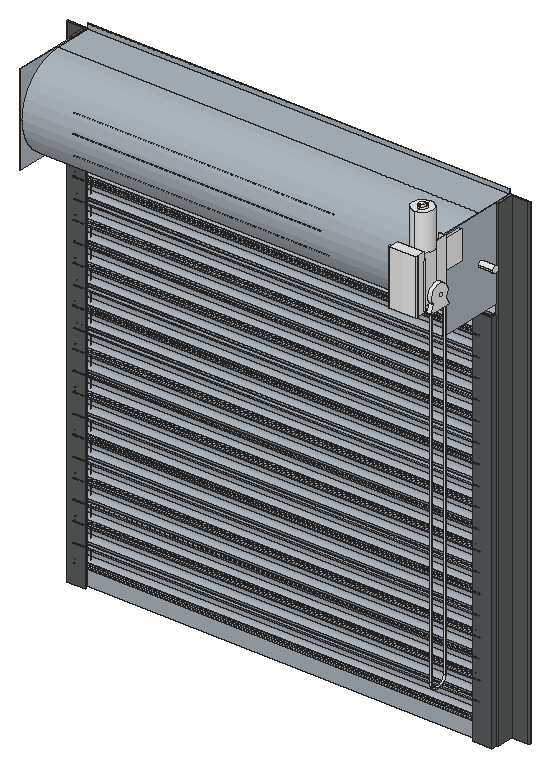
Revit family "Doors_Industrial_Wayne-Dalton_Forced-Entry-Shelter-Door-800FE_", category Specialty Equipment, host Wall, Revit 2019 (continued)
Definition of nested family "610F"
  Forms (in)
    Extrusion 1, solid, material <- "Panel Material"
      sketch origin (0, -4.98186, 18.03575) x (0, 1, 0) y (0, 0, 1)
        loop
          arc (6.41479, -9.14527) -> (6.37372, -8.27547) -> (6.1844, -7.42553) r 5.06884
          arc (6.1844, -7.42553) -> (5.94264, -7.02466) -> (5.54432, -6.77873) r 0.99486
          arc (5.54432, -6.77873) -> (5.26621, -6.60372) -> (5.1038, -6.31807) r 0.67448
          arc (5.1038, -6.31807) -> (5.58774, -6.46687) -> (5.95602, -6.11945) r 0.50309
          arc (5.95602, -6.11945) -> (5.8503, -5.5103) -> (5.30212, -5.22441) r 0.69757
          arc (5.30212, -5.22441) -> (5.06799, -5.01981) -> (5.22797, -4.7532) r 0.24232
          arc (5.22797, -4.7532) -> (6.0686, -4.136) -> (6.41479, -3.15227) r 1.76704
          arc (6.41479, -3.15227) -> (6.37372, -2.28247) -> (6.1844, -1.43253) r 5.06884
          arc (6.1844, -1.43253) -> (5.94264, -1.03166) -> (5.54432, -0.78573) r 0.99486
          arc (5.54432, -0.78573) -> (5.26621, -0.61072) -> (5.1038, -0.32507) r 0.67448
          arc (5.1038, -0.32507) -> (5.96009, -0.08908) -> (5.14423, 0.26204) r 0.47069
          arc (5.14423, 0.26204) -> (4.98628, -0.3629) -> (5.42353, -0.83652) r 0.67657
          arc (5.42353, -0.83652) -> (5.86585, -1.12411) -> (6.11827, -1.58739) r 1.07588
          arc (6.11827, -1.58739) -> (6.26595, -2.36718) -> (6.3129, -3.15945) r 6.20586
          arc (6.3129, -3.15945) -> (6.00497, -4.09596) -> (5.20687, -4.67466) r 1.60144
          arc (5.20687, -4.67466) -> (4.98511, -5.03038) -> (5.29733, -5.31008) r 0.32578
          arc (5.29733, -5.31008) -> (5.67797, -5.45412) -> (5.8903, -5.80132) r 0.62781
          arc (5.8903, -5.80132) -> (5.53471, -5.58115) -> (5.14423, -5.73096) r 0.47069
          arc (5.14423, -5.73096) -> (4.98628, -6.35591) -> (5.42353, -6.82953) r 0.67657
          arc (5.42353, -6.82953) -> (5.86585, -7.11711) -> (6.11827, -7.5804) r 1.07588
          arc (6.11827, -7.5804) -> (6.26595, -8.36019) -> (6.3129, -9.15245) r 6.20586
          arc (6.3129, -9.15245) -> (6.00497, -10.08896) -> (5.20687, -10.66766) r 1.60144
          arc (5.20687, -10.66766) -> (4.98511, -11.02339) -> (5.29733, -11.30309) r 0.32578
          arc (5.29733, -11.30309) -> (5.67797, -11.44712) -> (5.8903, -11.79432) r 0.62781
          arc (5.8903, -11.79432) -> (5.53471, -11.57415) -> (5.14423, -11.72397) r 0.47069
          arc (5.14423, -11.72397) -> (4.98628, -12.34891) -> (5.42353, -12.82253) r 0.67657
          arc (5.42353, -12.82253) -> (5.86585, -13.11012) -> (6.11827, -13.5734) r 1.07588
          arc (6.11827, -13.5734) -> (6.26595, -14.35319) -> (6.3129, -15.14545) r 6.20586
      from -61.8125 to 61.8125
  Lines and regions (in)
    reference lines
      curve 1: line (0, -4.98186, 17.979) -> (0, 10.8957, 17.979)
  Dimensions and locks (in)
    equal spacing: plane 4, plane 3 "Center (Left/Right)", plane 5
    "Opening Width": plane 4 to plane 5
    "Slat Width": plane 1 "Center (Front/Back)" to plane 6
    equal spacing: plane 1 "Center (Front/Back)", plane 8, plane 6
    "Slat Position": curve 1 to level
    aligned and locked: plane 2 to level
    aligned and locked: plane 1 "Center (Front/Back)" to plane 7
    aligned and locked: plane 5 to Extrusion 1
    aligned and locked: plane 4 to Extrusion 1
  Automatic sketch dimensions
    plane 1 "Center (Front/Back)" to curve 1 = 4.98186"
    curve 1 to plane 6 = 9.4577"
    curve 1 to Extrusion 1 sketch curve = 0.10711"  (x3)
    Extrusion 1 sketch curve to Extrusion 1 sketch curve = 1.24265"  (x3)
    Extrusion 1 sketch curve to Extrusion 1 sketch curve = 3.29932"  (x3)
    Extrusion 1 sketch curve to Extrusion 1 sketch curve = 0.0624"  (x3)
    Extrusion 1 sketch curve to Extrusion 1 sketch curve = 0.42706"  (x3)
    Extrusion 1 sketch curve to Extrusion 1 sketch curve = 0.15937"  (x3)
    Extrusion 1 sketch curve to Extrusion 1 sketch curve = 0.04195"  (x2)
    curve 1 to Extrusion 1 sketch curve = 5.88083"
    Extrusion 1 sketch curve to Extrusion 1 sketch curve = 0.56597"
    Extrusion 1 sketch curve to Extrusion 1 sketch curve = 0.00942"
    Extrusion 1 sketch curve to Extrusion 1 sketch curve = 0.00958"  (x2)
    Extrusion 1 sketch curve to Extrusion 1 sketch curve = 0.02032"  (x2)
    Extrusion 1 sketch curve to Extrusion 1 sketch curve = 0.02049"
    Extrusion 1 sketch curve to Extrusion 1 sketch curve = 0.00028"  (x3)
    Extrusion 1 sketch curve to Extrusion 1 sketch curve = 0.18651"
    Extrusion 1 sketch curve to Extrusion 1 sketch curve = 0.20024"
    Extrusion 1 sketch curve to Extrusion 1 sketch curve = 0.00341"
    Extrusion 1 sketch curve to Extrusion 1 sketch curve = 0.25501"
    Extrusion 1 sketch curve to Extrusion 1 sketch curve = 0.01698"
    Extrusion 1 sketch curve to Extrusion 1 sketch curve = 0.20349"
    Extrusion 1 sketch curve to Extrusion 1 sketch curve = 0.15147"  (x3)
    Extrusion 1 sketch curve to Extrusion 1 sketch curve = 0.11169"  (x3)
    Extrusion 1 sketch curve to Extrusion 1 sketch curve = 0.03933"
    Extrusion 1 sketch curve to Extrusion 1 sketch curve = 0.07284"
    Extrusion 1 sketch curve to Extrusion 1 sketch curve = 0.08781"  (x2)
    Extrusion 1 sketch curve to Extrusion 1 sketch curve = 0.05163"  (x3)
    curve 1 to Extrusion 1 sketch curve = 7.6677"
    Extrusion 1 sketch curve to Extrusion 1 sketch curve = 0.12333"  (x3)
    Extrusion 1 sketch curve to curve 1 = 8.89176"
    Extrusion 1 sketch curve to Extrusion 1 sketch curve = 1.2289"  (x3)
    Extrusion 1 sketch curve to curve 1 = 9.06596"
    Extrusion 1 sketch curve to Extrusion 1 sketch curve = 0.06809"  (x3)
    Extrusion 1 sketch curve to Extrusion 1 sketch curve = 1.83037"  (x3)
    Extrusion 1 sketch curve to Extrusion 1 sketch curve = 0.00232"  (x3)
    Extrusion 1 sketch curve to Extrusion 1 sketch curve = 0.94498"
    Extrusion 1 sketch curve to Extrusion 1 sketch curve = 0.00814"
    Extrusion 1 sketch curve to Extrusion 1 sketch curve = 0.09114"
    Extrusion 1 sketch curve to Extrusion 1 sketch curve = 0.02917"
    Extrusion 1 sketch curve to Extrusion 1 sketch curve = 1.53525"  (x2)
    Extrusion 1 sketch curve to curve 1 = 14.88477"
    Extrusion 1 sketch curve to curve 1 = 15.05896"
    Extrusion 1 sketch curve to Extrusion 1 sketch curve = 0.93734"  (x2)
    Extrusion 1 sketch curve to Extrusion 1 sketch curve = 0.01577"  (x2)
    Extrusion 1 sketch curve to Extrusion 1 sketch curve = 0.12795"
    Extrusion 1 sketch curve to curve 1 = 3.07295"
    Extrusion 1 sketch curve to Extrusion 1 sketch curve = 0.17419"
    Extrusion 1 sketch curve to Extrusion 1 sketch curve = 0.13944"
    Extrusion 1 sketch curve to Extrusion 1 sketch curve = 0.17365"  (x2)
    Extrusion 1 sketch curve to Extrusion 1 sketch curve = 99/256"
    Extrusion 1 sketch curve to Extrusion 1 sketch curve = 0.14264"
    Extrusion 1 sketch curve to Extrusion 1 sketch curve = 0.34629"
    Extrusion 1 sketch curve to Extrusion 1 sketch curve = 0"  (x28)
    Extrusion 1 sketch curve to Extrusion 1 sketch curve = 0.14281"
    Extrusion 1 sketch curve to Extrusion 1 sketch curve = 0.10049"  (x3)
    Extrusion 1 sketch curve to Extrusion 1 sketch curve = 0.02111"  (x3)
    Extrusion 1 sketch curve to Extrusion 1 sketch curve = 0.12078"
    curve 1 to Extrusion 1 sketch curve = 6.72198"
Definition of nested family "Label Annotation 1"
  Parameters (values of type "Label Annotation 1-8")
    Label = "Area is too big. Please reduce Door Size."
  Reference planes (in)
    plane 1: y = 0
    plane 2: x = 0
  Text (in)
    label "Label" at (0.00375, -0.00345, 0), shows "Label"
Definition of nested family "Warning Sign"
  Parameters (values of type "Warning Sign")
    Warning Sign [instance] = no
    Default Elevation = 48"
  Reference planes (in)
    plane 1 "Center (Front/Back)": y = 0
    plane 2: z = 0
    plane 3 "Center (Left/Right)": x = 0
    plane 4: y = 0.5
    plane 5: y = -0.5
    plane 6: y = 1
    plane 7: y = 0.25
  Lines and regions (in)
    model lines
      curve 1: line (-2.26129, 1, 45.69444) -> (-26.3817, 1, 3.91667)
      curve 2: line (-25.25106, 1, 3.26389) -> (-1.13064, 1, 45.04167)
      curve 3: arc (2.26129, 1, 45.69444) -> (0, 1, 47) -> (-2.26129, 1, 45.69444) r 2.61111
      curve 4: arc (-1.13064, 1, 45.04167) -> (0, 1, 45.69444) -> (1.13064, 1, 45.04167) r 1.30556
      curve 5: line (1.13064, 1, 45.04167) -> (25.25106, 1, 3.26389)
      curve 6: line (26.3817, 1, 3.91667) -> (2.26129, 1, 45.69444)
      curve 7: arc (25.25106, 1, 3.26389) -> (25.25106, 1, 1.95833) -> (24.12041, 1, 1.30556) r 1.30556
      curve 8: arc (24.12041, 1, 0) -> (26.3817, 1, 1.30556) -> (26.3817, 1, 3.91667) r 2.61111
      curve 9: line (24.12041, 1, 1.30556) -> (-24.12041, 1, 1.30556)
      curve 10: line (-24.12041, 1, 0) -> (24.12041, 1, 0)
      curve 11: arc (-24.12041, 1, 1.30556) -> (-25.25106, 1, 1.95833) -> (-25.25106, 1, 3.26389) r 1.30556
      curve 12: arc (-26.3817, 1, 3.91667) -> (-26.3817, 1, 1.30556) -> (-24.12041, 1, 0) r 2.61111
      curve 13: arc (-2.29479, 1, 8.63537) -> (0, 1, 6.34057) -> (2.29479, 1, 8.63537) r 2.29479
      curve 14: arc (2.29479, 1, 8.63537) -> (0, 1, 10.93016) -> (-2.29479, 1, 8.63537) r 2.29479
      curve 15: arc (-1.6331, 1, 13.97069) -> (0.03439, 1, 12.53727) -> (1.69278, 1, 13.98121) r 1.68043
      curve 16: line (-3.77413, 1, 28.37873) -> (-1.6331, 1, 13.97069)
      curve 17: line (1.69278, 1, 13.98121) -> (3.73924, 1, 28.37873)
      curve 18: arc (3.73924, 1, 28.37873) -> (-0.01745, 1, 32.13541) -> (-3.77413, 1, 28.37873) r 3.75668
      curve 19: line (-2.26129, -0.5, 45.69444) -> (-26.3817, -0.5, 3.91667)
      curve 20: line (-25.25106, -0.5, 3.26389) -> (-1.13064, -0.5, 45.04167)
      curve 21: arc (2.26129, -0.5, 45.69444) -> (0, -0.5, 47) -> (-2.26129, -0.5, 45.69444) r 2.61111
      curve 22: arc (-1.13064, -0.5, 45.04167) -> (0, -0.5, 45.69444) -> (1.13064, -0.5, 45.04167) r 1.30556
      curve 23: line (1.13064, -0.5, 45.04167) -> (25.25106, -0.5, 3.26389)
      curve 24: line (26.3817, -0.5, 3.91667) -> (2.26129, -0.5, 45.69444)
      curve 25: arc (25.25106, -0.5, 3.26389) -> (25.25106, -0.5, 1.95833) -> (24.12041, -0.5, 1.30556) r 1.30556
      curve 26: arc (24.12041, -0.5, 0) -> (26.3817, -0.5, 1.30556) -> (26.3817, -0.5, 3.91667) r 2.61111
      curve 27: line (24.12041, -0.5, 1.30556) -> (-24.12041, -0.5, 1.30556)
      curve 28: line (-24.12041, -0.5, 0) -> (24.12041, -0.5, 0)
      curve 29: arc (-24.12041, -0.5, 1.30556) -> (-25.25106, -0.5, 1.95833) -> (-25.25106, -0.5, 3.26389) r 1.30556
      curve 30: arc (-26.3817, -0.5, 3.91667) -> (-26.3817, -0.5, 1.30556) -> (-24.12041, -0.5, 0) r 2.61111
      curve 31: arc (-2.29479, -0.5, 8.63537) -> (0, -0.5, 6.34057) -> (2.29479, -0.5, 8.63537) r 2.29479
      curve 32: arc (2.29479, -0.5, 8.63537) -> (0, -0.5, 10.93016) -> (-2.29479, -0.5, 8.63537) r 2.29479
      curve 33: arc (-1.6331, -0.5, 13.97069) -> (0.03439, -0.5, 12.53727) -> (1.69278, -0.5, 13.98121) r 1.68043
      curve 34: line (-3.77413, -0.5, 28.37873) -> (-1.6331, -0.5, 13.97069)
      curve 35: line (1.69278, -0.5, 13.98121) -> (3.73924, -0.5, 28.37873)
      curve 36: arc (3.73924, -0.5, 28.37873) -> (-0.01745, -0.5, 32.13541) -> (-3.77413, -0.5, 28.37873) r 3.75668
  Dimensions and locks (in)
    locked: plane 1 "Center (Front/Back)" to plane 4 at 0.5
    equal spacing: plane 1 "Center (Front/Back)", plane 7, plane 4
    locked: plane 4 to plane 6 at 0.5
    locked: plane 5 to plane 1 "Center (Front/Back)" at 0.5
    aligned and locked: plane 2 to level
  Automatic sketch dimensions
    curve 21 to curve 22 = 0"  (x2)
    curve 25 to curve 26 = 0"  (x2)
    curve 29 to curve 30 = 0"  (x2)
    curve 31 to curve 32 = 0"  (x2)
    curve 21 to plane 3 "Center (Left/Right)" = 0"
    curve 31 to plane 3 "Center (Left/Right)" = 0"
    curve 30 to level = 0"
    level to curve 27 = 1.30556"
    curve 26 to curve 27 = 1.30556"
    curve 29 to curve 27 = 1.30556"
    curve 23 to curve 25 = 0.65278"
    curve 20 to curve 29 = 0.65278"
    curve 24 to curve 23 = 0.65278"
    curve 19 to curve 20 = 0.65278"
    level to curve 32 = 8.63537"
    curve 34 to plane 3 "Center (Left/Right)" = 1.6331"
    curve 34 to curve 31 = 5.33532"
    plane 3 "Center (Left/Right)" to curve 35 = 1.69278"
    curve 35 to curve 34 = 0.01052"
    plane 3 "Center (Left/Right)" to curve 33 = 0.02908"
    curve 36 to plane 3 "Center (Left/Right)" = 0.01745"
    curve 36 to curve 33 = 14.16104"
    curve 22 to curve 36 = 16.01016"
    plane 3 "Center (Left/Right)" to curve 23 = 1.13064"
    curve 23 to curve 21 = 0.65278"
    curve 20 to plane 3 "Center (Left/Right)" = 1.13064"
    plane 3 "Center (Left/Right)" to curve 24 = 2.26129"
    curve 24 to curve 22 = 0.65278"
    curve 19 to plane 3 "Center (Left/Right)" = 2.26129"
    curve 34 to curve 36 = 3.75668"
    curve 30 to plane 3 "Center (Left/Right)" = 24.12041"
    plane 3 "Center (Left/Right)" to curve 25 = 24.12041"
    curve 31 to curve 31 = 2.29479"
    curve 3 to curve 4 = 0"  (x2)
    curve 7 to curve 8 = 0"  (x2)
    curve 11 to curve 12 = 0"  (x2)
    curve 13 to curve 14 = 0"  (x2)
    curve 3 to plane 3 "Center (Left/Right)" = 0"
    curve 13 to plane 3 "Center (Left/Right)" = 0"
    curve 12 to level = 0"
    level to curve 9 = 1.30556"
    curve 8 to curve 9 = 1.30556"
    curve 11 to curve 9 = 1.30556"
    curve 5 to curve 7 = 0.65278"
    curve 2 to curve 11 = 0.65278"
    curve 6 to curve 5 = 0.65278"
    curve 1 to curve 2 = 0.65278"
    level to curve 14 = 8.63537"
    curve 16 to plane 3 "Center (Left/Right)" = 1.6331"
    curve 16 to curve 13 = 5.33532"
    plane 3 "Center (Left/Right)" to curve 17 = 1.69278"
    curve 17 to curve 16 = 0.01052"
    plane 3 "Center (Left/Right)" to curve 15 = 0.02908"
    curve 18 to plane 3 "Center (Left/Right)" = 0.01745"
    curve 18 to curve 15 = 14.16104"
    curve 4 to curve 18 = 16.01016"
    plane 3 "Center (Left/Right)" to curve 5 = 1.13064"
    curve 5 to curve 3 = 0.65278"
    curve 2 to plane 3 "Center (Left/Right)" = 1.13064"
    plane 3 "Center (Left/Right)" to curve 6 = 2.26129"
    curve 6 to curve 4 = 0.65278"
    curve 1 to plane 3 "Center (Left/Right)" = 2.26129"
    curve 16 to curve 18 = 3.75668"
    curve 12 to plane 3 "Center (Left/Right)" = 24.12041"
    plane 3 "Center (Left/Right)" to curve 7 = 24.12041"
    curve 13 to curve 13 = 2.29479"
Types (7): name | Voltage | Number of Poles | Apparent Load Phase 3 | Apparent Load Phase 2 | Apparent Load Phase 1
  115 volts, one phase, 60 Hz (110-120V range) | 115 V | 1 | 0 VA | 0 VA | 2300 VA
  230 volts, three phase, 60 Hz (208-245V range) | 230 V | 3 | 2655.81 VA | 2655.81 VA | 2655.81 VA
  230 volts, single phase, 60 Hz (208-245V range) | 230 V | 1 | 0 VA | 0 VA | 4600 VA
  460 volts, three phase, 60 Hz (456-495V range) | 460 V | 3 | 5311.62 VA | 5311.62 VA | 5311.62 VA
  208 volts, one phase, 60 Hz (190-207V range) | 208 V | 1 | 0 VA | 0 VA | 4160 VA
  208 volts, three phase, 60 Hz (190-207V range) | 208 V | 3 | 2401.78 VA | 2401.78 VA | 2401.78 VA
  575 volts, three phase, 60 Hz | 575 V | 3 | 6639.53 VA | 6639.53 VA | 6639.53 VA
